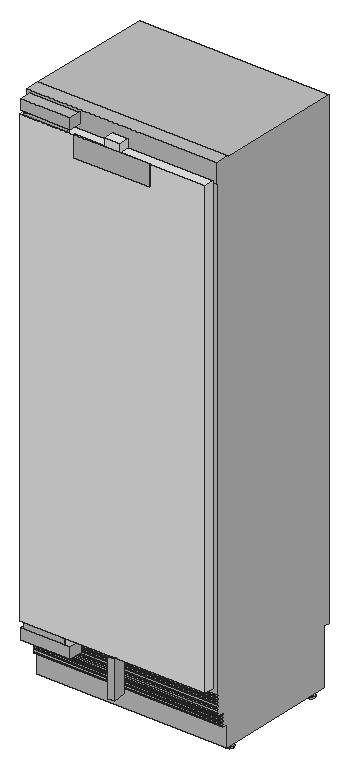
Revit family "FP_Revit_18_RS7621SLK1_Fridge_90001116A", category Specialty Equipment, Revit 2018
Family settings
  Round Connector Dimension = Use Diameter
  Part Type = Normal
  OmniClass Number = 23.40.40.11.11
  OmniClass Title = Refrigerators and Freezers
  Work Plane-Based = No
  Always vertical = Yes
  Cut with Voids When Loaded = Yes
  Shared = No
  Room Calculation Point = No
Parameters (values of type "RS7621SLHK1")
  Visibility - Water Connection = yes
  Visibility - Visibility Control Note = yes
  Visibility - Clearance Required = yes
  URL = "www.fisherpaykel.com"
  Stainless Steel Door Panels (RD7621L10D) = no
  Product - Width = 756 mm  # constant formula
  Product - Height = 2134 mm  # constant formula
  Product - Depth (exl front panel) = 610 mm  # constant formula
  Model = "RS7621SLHK1"
  Material - Handle = Fisher & Paykel - Aluminium
  Material - Door Structure = Fisher & Paykel - White
  Material - Door Front = Fisher & Paykel - Stainless Steel
  Material - Body = Fisher & Paykel - Grey
  Manufacturer = "Fisher & Paykel Appliances"
  Handle Style - Contemporary Square (AHD3-RD21) = no
  Handle Style - Contemporary Round (AHS-RD21) = no
  Description = "76cm Integrated Column Refrigerator with internal water, stainless steel interior"
  Connector Description - Water = "1/2 BSP Stainless steel braided hose"
  Connector Description - Electrical = "230 V,10 A fused electrical supply"
  Cavity - Width = 762 mm  # constant formula
  Cavity - Height = 2134 mm  # constant formula
  Cavity - Depth = 650 mm  # constant formula
Types (3, lengths in mm): name | Visibility - Water Connection | Model | Description | Connector Description - Water
  (no name) | yes | "RS7621SLHK1" | "76cm Integrated Column Refrigerator with internal water, stainless steel interior" | "1/2 BSP Stainless steel braided hose"
  RS7621SLK1 | no | "RS7621SLK1" | "76cm Integrated Column Refrigerator, stainless steel interior" | "Water Supply not required"
  RS7621SLHK1 | yes | "RS7621SLHK1" | "76cm Integrated Column Refrigerator with internal water, stainless steel interior" | "1/2 BSP Stainless steel braided hose"
Reference planes
  plane 1 "Datum": y = 0
  plane 2: z = 0
  plane 3 "Center (Left/Right)": x = 0
  plane 4 "Product LHS": x = -378
  plane 5 "Product RHS": x = 378
  plane 6 "Product - Depth": y = 610
  plane 7 "Cavity LHS": x = -381
  plane 8 "Cavity RHS": x = 381
  plane 9 "Cavity - Depth": y = 628
  plane 10 "Handle Offset": x = 315
  plane 11 "Product Height": z = 2134
  plane 12 "Cavity Height": z = 2134
  plane 13 "Door Panel Datum": y = -4.1
Forms (mm)
  Extrusion 1, solid, material "Fisher & Paykel - Grey" <- "Material - Body", detail levels fine
    sketch origin (0, 0, 0) x (0, 1, 0) y (0, 0, 1)
      loop
        line (100.1, 19.1) -> (587.9, 19.1) -> (587.9, 239.7) -> (610, 239.7) -> (610, 2131.9) -> (105.1, 2131.9) -> (105.1, 2134) -> (49.9, 2134) -> (49.9, 2059) -> (56, 2059) -> (56, 228.6) -> (59.5, 228.6) -> (59.5, 219.7) -> (56.5, 219.7) -> (56.5, 215.9) -> (59.5, 215.9) -> (59.5, 207) -> (56.5, 207) -> (56.5, 203.2) -> (59.5, 203.2) -> (59.5, 194.3) -> (56.5, 194.3) -> (56.5, 190.5) -> (59.5, 190.5) -> (59.5, 181.6) -> (56.5, 181.6) -> (56.5, 177.8) -> (59.5, 177.8) -> (59.5, 168.9) -> (56.5, 168.9) -> (56.5, 165.1) -> (59.5, 165.1) -> (59.5, 156.2) -> (56.5, 156.2) -> (56.5, 152.4) -> (84.1, 152.4) -> (84.1, 143.5) -> (81.1, 143.5) -> (81.1, 139.7) -> (84.1, 139.7) -> (84.1, 130.8) -> (81.1, 130.8) -> (81.1, 127) -> (84.1, 127) -> (84.1, 118.1) -> (81.1, 118.1) -> (81.1, 114.3) -> (84.1, 114.3) -> (84.1, 105.4) -> (81.1, 105.4) -> (81.1, 101.6) -> (100.1, 101.6) -> (100.1, 19.1)
    from -378 to 378
  Extrusion 2, solid, material "Fisher & Paykel - Grey" <- "Material - Body"
    sketch origin (0, 0, 0) x (1, 0, 0) y (0, 1, 0)
      loop
        circle (-357.5, 547.8) r 4.1
      loop
        circle (-357.5, 141.8) r 4.1
      loop
        circle (357.5, 547.8) r 4.1
      loop
        circle (357.5, 141.8) r 4.1
    from 3 to 19.1
  Extrusion 3, solid, material "Fisher & Paykel - Grey" <- "Material - Body"
    sketch origin (0, 0, 0) x (1, 0, 0) y (0, 1, 0)
      loop
        circle (-357.5, 547.8) r 14.5
      loop
        circle (-357.5, 141.8) r 14.555
      loop
        circle (357.5, 547.8) r 14.5
      loop
        circle (357.5, 141.8) r 14.555
    from 0 to 3
  Extrusion 4, solid, material "Fisher & Paykel - Grey" <- "Material - Body", detail levels fine
    sketch origin (0, 0, 0) x (1, 0, 0) y (0, 1, 0)
      loop
        line (-7.5, 49) -> (-13.797, -4.1) -> (13.797, -4.1) -> (7.5, 49) -> (-7.5, 49)
    from 104.2 to 254.2
  Extrusion 5, solid, material "Fisher & Paykel - Grey" <- "Material - Body", detail levels fine
    sketch origin (0, 0, 0) x (0, 1, 0) y (0, 0, 1)
      loop
        line (0, 2070.6) -> (0, 1988.6) -> (2, 1988.6) -> (2, 2068.6) -> (4, 2068.6) -> (4, 2070.6) -> (0, 2070.6)
    from -150 to 150
  Extrusion 6, solid, material "Fisher & Paykel - Grey" <- "Material - Body"
    sketch origin (0, 0, 0) x (1, 0, 0) y (0, 0, 1)
      loop
        circle (303, 119.813) r 5
      loop
        circle (-303, 119.813) r 5
    from -590 to -587.9
  Extrusion 7, solid, material "Fisher & Paykel - White" <- "Material - Door Structure"
    sketch origin (0, 0, 0) x (1, 0, 0) y (0, 1, 0)
      loop
        line (-353, 56) -> (-353, 42) -> (353, 42) -> (353, 56) -> (-353, 56)
    from 269.6 to 2030.7
  Extrusion 8, solid, material "Fisher & Paykel - White" <- "Material - Door Structure"
    sketch origin (0, 0, 0) x (1, 0, 0) y (0, 1, 0)
      loop
        line (-369.4, 42) -> (-369.4, 3) -> (369.4, 3) -> (369.4, 42) -> (-369.4, 42)
    from 254.2 to 2068.6
  Extrusion 9, solid, material "Fisher & Paykel - White" <- "Material - Door Structure", detail levels fine
    sketch origin (0, 0, 0) x (1, 0, 0) y (0, 0, 1)
      loop
        line (-29.5, 2100.1) -> (-29.5, 2068.6) -> (29.5, 2068.6) -> (29.5, 2100.1) -> (-29.5, 2100.1)
    from -42 to -3
  Extrusion 10, solid, material "Fisher & Paykel - Stainless Steel" <- "Material - Door Front", visible <- "Stainless Steel Door Panels (RD7621L10D)"
    sketch origin (0, 0, 0) x (0, 1, 0) y (0, 0, 1)
      loop
        line (-22.1, 2130.8) -> (-22.1, 102) -> (-4.1, 102) -> (-4.1, 2130.8) -> (-22.1, 2130.8)
    from -378 to 378
  Extrusion 11, solid, material "Fisher & Paykel - Grey" <- "Material - Body", detail levels coarse+medium
    sketch origin (0, 0, 0) x (0, 1, 0) y (0, 0, 1)
      loop
        line (49.9, 2134) -> (49.9, 2059) -> (56, 2059) -> (56, 152.4) -> (81.1, 152.4) -> (81.1, 101.6) -> (100.1, 101.6) -> (100.1, 19.1) -> (587.9, 19.1) -> (587.9, 239.7) -> (610, 239.7) -> (610, 2134) -> (49.9, 2134)
    from -378 to 378
  Extrusion 12, solid, material "Fisher & Paykel - Grey" <- "Material - Body", detail levels fine
    sketch origin (0, 0, 0) x (-1, 0, 0) y (0, 0, -1)
      loop
        line (366.4, -187.65) -> (168.42, -187.65) -> (168.42, -229.75) -> (366.4, -229.75) -> (366.4, -187.65)
    from -56 to -2.5
  Extrusion 13, solid, material "Fisher & Paykel - Grey" <- "Material - Body", detail levels fine
    sketch origin (0, 0, 0) x (-1, 0, 0) y (0, 0, -1)
      loop
        line (366.4, -2123.15) -> (366.4, -2081.05) -> (168.42, -2081.05) -> (168.42, -2123.15) -> (366.4, -2123.15)
    from -49 to -2.5
  Extrusion 14, solid, material "Fisher & Paykel - Grey" <- "Material - Body", detail levels fine
    sketch origin (0, 0, -4) x (0, 1, 0) y (0, 0, 1)
      loop
        arc (163.888, 23.1) -> (180.4, 13.63) -> (196.912, 23.1) r 19.13
        line (196.912, 23.1) -> (163.888, 23.1)
      loop
        arc (493.888, 23.1) -> (510.4, 13.63) -> (526.912, 23.1) r 19.13
        line (526.912, 23.1) -> (493.888, 23.1)
    from 191 to 219
  Extrusion 15, solid, material "Fisher & Paykel - Grey" <- "Material - Body", detail levels fine
    sketch origin (0, 0, -4) x (0, 1, 0) y (0, 0, -1)
      loop
        line (163.888, -23.1) -> (196.912, -23.1)
        arc (196.912, -23.1) -> (180.4, -13.63) -> (163.888, -23.1) r 19.13
      loop
        line (493.888, -23.1) -> (526.912, -23.1)
        arc (526.912, -23.1) -> (510.4, -13.63) -> (493.888, -23.1) r 19.13
    from 191 to 219
  Extrusion 16, solid, material "Fisher & Paykel - Clearance Required", visible <- "Visibility - Clearance Required", detail levels coarse
    sketch origin (0, 0, 0) x (1, 0, 0) y (0, 1, 0)
      loop
        line (-381, 628) -> (-381, -4.1) -> (381, -4.1) -> (381, 628) -> (-381, 628)
    from 0 to 2134
  Extrusion 17, void
    sketch origin (0, 0, 0) x (1, 0, 0) y (0, 1, 0)
      loop
        line (-381, 628) -> (-381, -22.1) -> (381, -22.1) -> (381, 628) -> (-381, 628)
    from 0 to 2134
  Extrusion 18, solid, material "Fisher & Paykel - Grey" <- "Material - Body", detail levels fine
    sketch origin (-73, 0, 0) x (-1, 0, 0) y (0, 0, -1)
      loop
        line (118.4, -254.2) -> (282.9, -254.2) -> (282.9, -229.75) -> (118.4, -229.75) -> (118.4, -254.2)
      loop
        line (106, -2081.05) -> (242.9, -2081.05) -> (282.9, -2076.05) -> (282.9, -2068.6) -> (106, -2068.6) -> (106, -2081.05)
    from -7 to -4
  Extrusion 19, solid, material "Fisher & Paykel - Clearance Required", visible <- "Visibility - Clearance Required", detail levels coarse
    sketch origin (0, 0, 0) x (-1, 0, 0) y (0, -1, 0)
      loop
        line (-328.5, 22) -> (378.07, 22)
        arc (378.07, 22) -> (380.987, 57.006) -> (415.929, 60.595) r 27.504
        line (415.929, 60.595) -> (697.006, 665.395) -> (723.253, 653.197)
        arc (723.253, 653.197) -> (747.815, 662.137) -> (738.875, 686.699) r 18.483
        line (738.875, 686.699) -> (712.602, 698.95) -> (734.607, 746.265)
        arc (734.607, 746.265) -> (-22.041, 691.901) -> (-377.998, 22) r 783.526
        line (-377.998, 22) -> (-328.5, 22)
    from 0 to 2134
Lines and regions (mm)
  model lines, style "Fisher & Paykel"
    curve 1: line (-378, -4.1, 2130.8) -> (378, -4.1, 2130.8)
    curve 2: line (-378, -4.1, 102) -> (-378, -4.1, 2130.8)
    curve 3: line (378, -4.1, 102) -> (-378, -4.1, 102)
    curve 4: line (378, -4.1, 2130.8) -> (378, -4.1, 102)
Text (mm)
  text "Due to ongoing product development, product details are subject to change without notice. \nPlease always refer to www.fisherpaykel.com for the most current product information. \n© Fisher & Paykel 2020" at (41.04, -848.295, 0), in view "Ref. Level (Plan)"
Dimensions and locks
  equal spacing: plane 4 "Product LHS", plane 3 "Center (Left/Right)", plane 5 "Product RHS"
  "Product - Width": plane 4 "Product LHS" to plane 5 "Product RHS"
  "Product - Depth (exl front panel)": plane 1 "Datum" to plane 6 "Product - Depth"
  equal spacing: plane 7 "Cavity LHS", plane 3 "Center (Left/Right)", plane 8 "Cavity RHS"
  "Cavity - Width": plane 7 "Cavity LHS" to plane 8 "Cavity RHS"
  plane 4 "Product LHS" to Extrusion 2 sketch curve = 24.6 mm
  Extrusion 6 sketch curve to Extrusion 1 = 119.887 mm  (x2)
  Extrusion 6 sketch curve to plane 5 "Product RHS" = 75 mm
  plane 4 "Product LHS" to Extrusion 6 sketch curve = 75 mm
  Extrusion 1 sketch curve to Extrusion 1 sketch curve = 82.5 mm
  Extrusion 1 sketch curve to Extrusion 1 sketch curve = 209.5 mm
  Extrusion 1 sketch curve to Extrusion 1 sketch curve = 220.6 mm
  Extrusion 3 to level = 3 mm
  Extrusion 11 to Extrusion 8 = 235.1 mm
  Extrusion 11 to Extrusion 7 = 250.5 mm
  Extrusion 11 to Extrusion 11 = 2114.9 mm
  Extrusion 11 to Extrusion 10 = 82.9 mm
  "Product - Height": level to plane 11 "Product Height"
  plane 11 "Product Height" to Extrusion 10 = 3.2 mm
  Extrusion 8 to plane 11 "Product Height" = 65.4 mm
  Extrusion 7 to plane 11 "Product Height" = 103.3 mm
  Extrusion 11 sketch curve to plane 11 "Product Height" = 75 mm
  Extrusion 1 sketch curve to plane 11 "Product Height" = 2.1 mm
  Extrusion 1 sketch curve to plane 11 "Product Height" = 75 mm
  "Cavity - Height": plane 12 "Cavity Height" to level
  Extrusion 18 sketch curve to Extrusion 18 sketch curve = 40 mm
  Extrusion 18 sketch curve to Extrusion 18 sketch curve = 176.9 mm
  plane 3 "Center (Left/Right)" to Extrusion 18 sketch curve = 179 mm
  plane 3 "Center (Left/Right)" to Extrusion 18 sketch curve = 191.4 mm
  plane 3 "Center (Left/Right)" to Extrusion 18 sketch curve = 355.9 mm
  plane 3 "Center (Left/Right)" to Extrusion 13 sketch curve = 168.42 mm
  plane 3 "Center (Left/Right)" to Extrusion 12 sketch curve = 168.42 mm
  "Cavity - Depth": Extrusion 17 to Extrusion 19
  Extrusion 19 to plane 1 "Datum" = 22 mm
  radius of Extrusion 6 sketch curve = 5 mm
  aligned and locked: level to plane 2
  aligned and locked: Extrusion 10 to plane 5 "Product RHS"
  aligned and locked: plane 4 "Product LHS" to Extrusion 10
  aligned and locked: Extrusion 11 to plane 5 "Product RHS"
  aligned and locked: Extrusion 11 to plane 4 "Product LHS"
  aligned and locked: Extrusion 11 sketch curve to plane 11 "Product Height"
  aligned and locked: plane 11 "Product Height" to Extrusion 1 sketch curve
  aligned and locked: Extrusion 14 sketch curve to Extrusion 14 sketch curve
  aligned and locked: Extrusion 15 sketch curve to Extrusion 15 sketch curve
  aligned and locked: Extrusion 1 to plane 5 "Product RHS"
  aligned and locked: plane 4 "Product LHS" to Extrusion 1
  aligned and locked: Extrusion 11 sketch curve to Extrusion 1  (x4)
  aligned and locked: Extrusion 2 to Extrusion 1
  aligned and locked: nested 2 to plane 10 "Handle Offset"
  aligned and locked: nested 3 to plane 10 "Handle Offset"
Automatic sketch dimensions
  plane 1 "Datum" to Extrusion 4 sketch curve = 4.1 mm
  Extrusion 4 sketch curve to plane 3 "Center (Left/Right)" = 13.797 mm
  Extrusion 4 sketch curve to plane 3 "Center (Left/Right)" = 7.5 mm
  plane 3 "Center (Left/Right)" to Extrusion 4 sketch curve = 7.5 mm
  plane 3 "Center (Left/Right)" to Extrusion 4 sketch curve = 13.797 mm
  Extrusion 4 sketch curve to plane 1 "Datum" = 49 mm
  Extrusion 5 sketch curve to plane 1 "Datum" = 0 mm
  Extrusion 5 sketch curve to plane 1 "Datum" = 2 mm
  Extrusion 5 sketch curve to Extrusion 5 sketch curve = 2 mm  (x2)
  plane 11 "Product Height" to Extrusion 5 sketch curve = 145.4 mm
  plane 11 "Product Height" to Extrusion 5 sketch curve = 65.4 mm
  Extrusion 9 sketch curve to plane 3 "Center (Left/Right)" = 29.5 mm
  plane 3 "Center (Left/Right)" to Extrusion 9 sketch curve = 29.5 mm
  plane 11 "Product Height" to Extrusion 9 sketch curve = 65.4 mm
  Extrusion 9 sketch curve to Extrusion 9 sketch curve = 31.5 mm
  Extrusion 16 sketch curve to plane 7 "Cavity LHS" = 0 mm
  Extrusion 16 sketch curve to plane 8 "Cavity RHS" = 0 mm
  Extrusion 16 sketch curve to plane 9 "Cavity - Depth" = 0 mm
  plane 1 "Datum" to Extrusion 16 sketch curve = 4.1 mm
  Extrusion 17 sketch curve to plane 7 "Cavity LHS" = 0 mm
  Extrusion 17 sketch curve to plane 8 "Cavity RHS" = 0 mm
  plane 9 "Cavity - Depth" to Extrusion 17 sketch curve = 0 mm
  plane 1 "Datum" to Extrusion 17 sketch curve = 22.1 mm
  Extrusion 1 sketch curve to plane 6 "Product - Depth" = 0 mm
  Extrusion 1 sketch curve to Extrusion 1 sketch curve = 22.1 mm
  Extrusion 1 sketch curve to plane 1 "Datum" = 105.1 mm
  level to Extrusion 1 sketch curve = 19.1 mm
  Extrusion 1 sketch curve to plane 1 "Datum" = 100.1 mm
  Extrusion 1 sketch curve to Extrusion 1 sketch curve = 16 mm
  Extrusion 1 sketch curve to Extrusion 1 sketch curve = 0 mm  (x8)
  Extrusion 1 sketch curve to Extrusion 1 sketch curve = 3 mm  (x10)
  Extrusion 1 sketch curve to plane 1 "Datum" = 59.5 mm
  Extrusion 1 sketch curve to plane 1 "Datum" = 56 mm
  Extrusion 1 sketch curve to plane 1 "Datum" = 49.9 mm
  Extrusion 1 sketch curve to Extrusion 1 sketch curve = 3.8 mm  (x10)
  Extrusion 1 sketch curve to Extrusion 1 sketch curve = 8.9 mm  (x9)
  Extrusion 2 sketch curve to plane 4 "Product LHS" = 20.5 mm  (x2)
  plane 5 "Product RHS" to Extrusion 2 sketch curve = 20.5 mm  (x2)
  Extrusion 2 sketch curve to plane 1 "Datum" = 141.8 mm  (x2)
  Extrusion 2 sketch curve to plane 6 "Product - Depth" = 62.2 mm  (x2)
  Extrusion 3 sketch curve to plane 4 "Product LHS" = 20.5 mm  (x2)
  plane 5 "Product RHS" to Extrusion 3 sketch curve = 20.5 mm  (x2)
  Extrusion 3 sketch curve to plane 1 "Datum" = 141.8 mm  (x2)
  Extrusion 3 sketch curve to plane 6 "Product - Depth" = 62.2 mm  (x2)
  Extrusion 7 sketch curve to plane 4 "Product LHS" = 25 mm
  plane 5 "Product RHS" to Extrusion 7 sketch curve = 25 mm
  Extrusion 7 sketch curve to plane 1 "Datum" = 42 mm
  Extrusion 7 sketch curve to Extrusion 7 sketch curve = 14 mm
  Extrusion 8 sketch curve to plane 1 "Datum" = 3 mm
  Extrusion 8 sketch curve to plane 4 "Product LHS" = 8.6 mm
  plane 5 "Product RHS" to Extrusion 8 sketch curve = 8.6 mm
  Extrusion 8 sketch curve to Extrusion 8 sketch curve = 39 mm
  plane 1 "Datum" to Extrusion 10 sketch curve = 22.1 mm
  plane 1 "Datum" to Extrusion 10 sketch curve = 4.1 mm
  level to Extrusion 10 sketch curve = 102 mm
  plane 11 "Product Height" to Extrusion 10 sketch curve = 3.2 mm
  Extrusion 11 sketch curve to plane 6 "Product - Depth" = 0 mm
  Extrusion 11 sketch curve to plane 6 "Product - Depth" = 22.1 mm
  Extrusion 11 sketch curve to plane 1 "Datum" = 100.1 mm
  Extrusion 11 sketch curve to Extrusion 11 sketch curve = 19 mm
  Extrusion 11 sketch curve to plane 1 "Datum" = 56 mm
  Extrusion 11 sketch curve to plane 1 "Datum" = 49.9 mm
  Extrusion 11 sketch curve to Extrusion 11 sketch curve = 50.8 mm
  plane 4 "Product LHS" to Extrusion 12 sketch curve = 11.6 mm
  Extrusion 12 sketch curve to level = 187.65 mm
  Extrusion 12 sketch curve to Extrusion 12 sketch curve = 42.1 mm
  plane 4 "Product LHS" to Extrusion 13 sketch curve = 11.6 mm
  Extrusion 13 sketch curve to plane 11 "Product Height" = 52.95 mm
  Extrusion 13 sketch curve to plane 11 "Product Height" = 10.85 mm
  level to Extrusion 14 sketch curve = 19.1 mm
  Extrusion 14 sketch curve to plane 1 "Datum" = 163.888 mm
  Extrusion 14 sketch curve to Extrusion 14 sketch curve = 16.512 mm  (x2)
  Extrusion 14 sketch curve to plane 6 "Product - Depth" = 116.112 mm
  Extrusion 14 sketch curve to Extrusion 14 sketch curve = 9.66 mm  (x2)
  level to Extrusion 15 sketch curve = 19.1 mm
  Extrusion 15 sketch curve to plane 1 "Datum" = 163.888 mm
  Extrusion 15 sketch curve to Extrusion 15 sketch curve = 16.512 mm  (x2)
  Extrusion 15 sketch curve to plane 6 "Product - Depth" = 116.112 mm
  Extrusion 15 sketch curve to Extrusion 15 sketch curve = 9.66 mm  (x2)
  Extrusion 18 sketch curve to level = 229.75 mm
  Extrusion 18 sketch curve to Extrusion 18 sketch curve = 24.45 mm
  Extrusion 18 sketch curve to plane 11 "Product Height" = 65.4 mm
  Extrusion 18 sketch curve to Extrusion 18 sketch curve = 7.45 mm
  Extrusion 18 sketch curve to Extrusion 18 sketch curve = 5 mm
  Extrusion 19 sketch curve to plane 5 "Product RHS" = 0.002 mm
  plane 10 "Handle Offset" to Extrusion 19 sketch curve = 13.5 mm
  Extrusion 19 sketch curve to plane 4 "Product LHS" = 0.07 mm
  Extrusion 19 sketch curve to plane 7 "Cavity LHS" = 19.621 mm
  Extrusion 19 sketch curve to Extrusion 19 sketch curve = 4.795 mm
  Extrusion 19 sketch curve to Extrusion 19 sketch curve = 10.514 mm
  Extrusion 19 sketch curve to plane 7 "Cavity LHS" = 316.006 mm
  Extrusion 19 sketch curve to Extrusion 19 sketch curve = 15.596 mm
  Extrusion 19 sketch curve to Extrusion 19 sketch curve = 26.247 mm
  Extrusion 19 sketch curve to Extrusion 19 sketch curve = 7.811 mm  (x2)
  Extrusion 19 sketch curve to Extrusion 19 sketch curve = 22.005 mm
  Extrusion 19 sketch curve to plane 1 "Datum" = 746.265 mm
  Extrusion 19 sketch curve to Extrusion 19 sketch curve = 47.315 mm
  Extrusion 19 sketch curve to Extrusion 19 sketch curve = 12.251 mm
  Extrusion 19 sketch curve to Extrusion 19 sketch curve = 16.751 mm
  Extrusion 19 sketch curve to Extrusion 19 sketch curve = 12.198 mm
  Extrusion 19 sketch curve to Extrusion 19 sketch curve = 22.85 mm
  plane 5 "Product RHS" to curve 1 = 0 mm
  plane 4 "Product LHS" to curve 3 = 0 mm
  level to curve 3 = 102 mm
  plane 11 "Product Height" to curve 2 = 3.2 mm
  radius of Extrusion 2 sketch curve = 4.1 mm  (x3)
  radius of Extrusion 3 sketch curve = 14.5 mm  (x2)
  radius of Extrusion 3 sketch curve = 14.555 mm  (x2)
  radius of Extrusion 6 sketch curve = 5 mm
Nested families
  nested 1: "Visibility Control Note 18" at (0, 0, 0), visible <- "Visibility - Visibility Control Note", type "Visibility Control Note 18"
  nested 2: "Handle Contemporary Round - Vertical" at (315, -22.1, 1242.58), visible <- "Handle Style - Contemporary Round (AHS-RD21)", type "AHS-RD21 - Contemporary round handle (Vertical) 852mm"
  nested 3: "Handle Contemporary Square - Vertical" at (315, -22.1, 1242.58), visible <- "Handle Style - Contemporary Square (AHD3-RD21)", type "AHD3-RD21 - Contemporary square handle (Vertical) 852mm"
Connectors
  electrical at (-303, 590, 119.813), driven by "Connector Description - Electrical"
    settings: on Extrusion 6, index 1, voltage 230 V, apparent load 0 VA, apparent load phase1 0 VA, apparent load phase2 0 VA, apparent load phase3 0 VA, power factor 1, load classification "Other", number of poles 1, system type 30, power factor state 1, is connector primary yes, connector utility no, sub classification motor no, connector description "230 V,10 A fused electrical supply"
  piping at (303, 590, 119.813), diameter 12.7, driven by "Visibility - Water Connection", driven by "Connector Description - Water"
    settings: on Extrusion 6, index 2, connector inside diameter 609.6 mm, connector length 0 mm, flow factor 0, pipe flow 0.0 L/s, pressure drop 0.0 Pa, fitting loss kfactor 0, connector angle 0.00°, fixture units 0, engagement length 0 mm, angle of deflection 0.00°, flow configuration 0, flow direction 1, fitting loss method 0, system type 20, joint type 0, gender type 0, connector reference index -1, connector utility 1, adjustable connector no, is connector primary yes, connector description "1/2 BSP Stainless steel braided hose"
Definition of nested family "Handle Contemporary Round - Vertical"
  Parameters (values of type "AHSRS80A - Contemporary round handle (1 of 2) (Vertical) 727mm")
    URL = "www.fisherpaykel.com"
    Material - Handle = none
    Manufacturer = "Fisher & Paykel Appliances"
    Handle - Length = 727 mm
  Types (6, lengths in mm): name | Handle - Length
    AHS-RD21 - Contemporary round handle (Vertical) 852mm | 852
    AHSRD2484W - Contemporary round handle (1 of 2) (Vertical) 727mm | 727
    AHSRD3084W - Contemporary round handle (1 of 2) (Vertical) 727mm | 727
    AHS-RD84 - Contemporary round handle (Vertical) 852mm | 852
    AHSRS3272A - Contemporary round handle (1 of 2) (Vertical) 727mm | 727
    AHSRS80A - Contemporary round handle (1 of 2) (Vertical) 727mm | 727
  Reference planes
    plane 1 "Center (Front/Back)": y = 0
    plane 2: z = 0
    plane 3 "Center (Left/Right)": x = 0
    plane 4 "Top": z = 363.5
    plane 5 "Bottom": z = -363.5
    plane 6 "Top Standoff": z = 243.5
    plane 7 "Bottom Standoff": z = -243.5
  Forms (mm)
    Extrusion 1, solid, material <- "Material - Handle"
      sketch origin (0, 0, 0) x (1, 0, 0) y (0, 1, 0)
        loop
          circle (0, -32.3) r 8.7
      from -243.5 to 243.5
    Extrusion 2, solid, material <- "Material - Handle", detail levels fine
      sketch origin (0, 0, 0) x (1, 0, 0) y (0, 1, 0)
        loop
          line (-8.7, 0) -> (-8.7, -32.3)
          arc (-8.7, -32.3) -> (0, -41) -> (8.7, -32.3) r 8.7
          line (8.7, -32.3) -> (8.7, 0) -> (-8.7, 0)
      from 243.5 to 363.5
    Extrusion 3, solid, material <- "Material - Handle", detail levels fine
      sketch origin (0, 0, 0) x (1, 0, 0) y (0, 1, 0)
        loop
          line (-8.7, 0) -> (-8.7, -32.3)
          arc (-8.7, -32.3) -> (0, -41) -> (8.7, -32.3) r 8.7
          line (8.7, -32.3) -> (8.7, 0) -> (-8.7, 0)
      from -363.5 to -243.5
    Sweep 4, void
      path in 3D
        loop
          line (8.7, 0, -363.5) -> (8.7, -32.3, -363.5)
          arc (8.7, -32.3, -363.5) -> (0, -41, -363.5) -> (-8.7, -32.3, -363.5) r 8.7
          line (-8.7, -32.3, -363.5) -> (-8.7, 0, -363.5)
      profile origin (8.7, -16.15, -363.5) x (-1, 0, 0) y (0, 0, -1)
        loop
          line (0, 0) -> (0, -1) -> (1, 0) -> (0, 0)
    Sweep 5, void
      path in 3D
        loop
          line (-8.7, 0, 363.5) -> (-8.7, -32.3, 363.5)
          arc (-8.7, -32.3, 363.5) -> (0, -41, 363.5) -> (8.7, -32.3, 363.5) r 8.7
          line (8.7, -32.3, 363.5) -> (8.7, 0, 363.5)
      profile origin (8.7, -16.15, 363.5) x (-1, 0, 0) y (0, 0, 1)
        loop
          line (0, 0) -> (0, -1) -> (1, 0) -> (0, 0)
    Extrusion 6, solid, material <- "Material - Handle", detail levels coarse+medium
      sketch origin (0, 0, 0) x (1, 0, 0) y (0, 1, 0)
        loop
          line (-8.7, 0) -> (-8.7, -32.3)
          arc (-8.7, -32.3) -> (0, -41) -> (8.7, -32.3) r 8.7
          line (8.7, -32.3) -> (8.7, 0) -> (-8.7, 0)
      from 243.5 to 363.5
    Extrusion 7, solid, material <- "Material - Handle", detail levels coarse+medium
      sketch origin (0, 0, 0) x (1, 0, 0) y (0, 1, 0)
        loop
          line (-8.7, 0) -> (-8.7, -32.3)
          arc (-8.7, -32.3) -> (0, -41) -> (8.7, -32.3) r 8.7
          line (8.7, -32.3) -> (8.7, 0) -> (-8.7, 0)
      from -363.5 to -243.5
  Cuts and joins
    Sweep 4 cuts Extrusion 3
    Sweep 5 cuts Extrusion 2
  Lines and regions (mm)
    sketch lines
      curve 1: line (8.7, 0, -363.5) -> (8.7, -32.3, -363.5)
      curve 2: arc (-8.7, -32.3, -363.5) -> (0, -41, -363.5) -> (8.7, -32.3, -363.5) r 8.7
      curve 3: line (-8.7, -32.3, -363.5) -> (-8.7, 0, -363.5)
      curve 4: line (8.7, -32.3, 363.5) -> (8.7, 0, 363.5)
      curve 5: arc (8.7, -32.3, 363.5) -> (0, -41, 363.5) -> (-8.7, -32.3, 363.5) r 8.7
      curve 6: line (-8.7, 0, 363.5) -> (-8.7, -32.3, 363.5)
  Dimensions and locks
    equal spacing: plane 4 "Top", level, plane 5 "Bottom"
    "Handle - Length": plane 4 "Top" to plane 5 "Bottom"
    locked: plane 4 "Top" to plane 6 "Top Standoff" at 120
    locked: plane 7 "Bottom Standoff" to plane 5 "Bottom" at 120
    Extrusion 2 sketch curve to Extrusion 2 sketch curve = 17.4 mm
    Extrusion 3 sketch curve to Extrusion 3 sketch curve = 17.4 mm
    Extrusion 6 sketch curve to Extrusion 6 sketch curve = 17.4 mm
    Extrusion 7 sketch curve to Extrusion 7 sketch curve = 17.4 mm
    aligned and locked: level to plane 2
    aligned and locked: plane 4 "Top" to Extrusion 2
    aligned and locked: Extrusion 3 to plane 5 "Bottom"
    aligned and locked: plane 7 "Bottom Standoff" to Extrusion 3
    aligned and locked: Extrusion 1 to plane 7 "Bottom Standoff"
    aligned and locked: plane 6 "Top Standoff" to Extrusion 1
    aligned and locked: Extrusion 2 to Extrusion 1
    aligned and locked: Extrusion 6 to Extrusion 1
    aligned and locked: plane 4 "Top" to Extrusion 6
    aligned and locked: Extrusion 7 to Extrusion 1
    aligned and locked: Extrusion 7 to plane 5 "Bottom"
  Automatic sketch dimensions
    Extrusion 1 sketch curve to plane 3 "Center (Left/Right)" = 0 mm
    plane 1 "Center (Front/Back)" to Extrusion 1 sketch curve = 32.3 mm
    plane 1 "Center (Front/Back)" to Extrusion 2 sketch curve = 0 mm
    Extrusion 2 sketch curve to plane 3 "Center (Left/Right)" = 0 mm
    Extrusion 2 sketch curve to plane 3 "Center (Left/Right)" = 8.7 mm
    plane 1 "Center (Front/Back)" to Extrusion 2 sketch curve = 32.3 mm
    plane 1 "Center (Front/Back)" to Extrusion 3 sketch curve = 0 mm
    Extrusion 3 sketch curve to plane 3 "Center (Left/Right)" = 0 mm
    Extrusion 3 sketch curve to plane 3 "Center (Left/Right)" = 8.7 mm
    plane 1 "Center (Front/Back)" to Extrusion 3 sketch curve = 32.3 mm
    Sweep 4 sketch curve to profile plane = 0 mm  (x2)
    Sweep 4 sketch curve to profile plane = 1 mm  (x2)
    Sweep 5 sketch curve to profile plane = 0 mm  (x2)
    Sweep 5 sketch curve to profile plane = 1 mm  (x2)
    Extrusion 6 sketch curve to plane 3 "Center (Left/Right)" = 0 mm
    Extrusion 6 sketch curve to plane 3 "Center (Left/Right)" = 8.7 mm
    plane 1 "Center (Front/Back)" to Extrusion 6 sketch curve = 32.3 mm
    Extrusion 6 sketch curve to Extrusion 6 sketch curve = 32.3 mm
    Extrusion 7 sketch curve to plane 3 "Center (Left/Right)" = 0 mm
    Extrusion 7 sketch curve to plane 3 "Center (Left/Right)" = 8.7 mm
    plane 1 "Center (Front/Back)" to Extrusion 7 sketch curve = 32.3 mm
    Extrusion 7 sketch curve to Extrusion 7 sketch curve = 32.3 mm
    radius of Extrusion 1 sketch curve = 8.7 mm
Definition of nested family "Handle Contemporary Square - Vertical"
  Parameters (values of type "AHD3RS80A - Contemporary square handle (1 of 2) (Vertical) 727mm")
    URL = "www.fisherpaykel.com"
    Material - Handle = none
    Manufacturer = "Fisher & Paykel Appliances"
    Handle - Length = 727 mm
  Types (7, lengths in mm): name | Handle - Length
    (no name) | 727
    AHD3-RD21 - Contemporary square handle (Vertical) 852mm | 852
    AHD3RD2484W - Contemporary square handle (1 of 2) (Vertical) 727mm | 727
    AHD3RD3084W - Contemporary square handle (1 of 2) (Vertical) 727mm | 727
    AHD3-RD84 - Contemporary square handle (Vertical) 852mm | 852
    AHD3RS3272A - Contemporary square handle (1 of 2) (Vertical) 727mm | 727
    AHD3RS80A - Contemporary square handle (1 of 2) (Vertical) 727mm | 727
  Reference planes
    plane 1 "Center (Front/Back)": y = 0
    plane 2: z = 0
    plane 3 "Center (Left/Right)": x = 0
    plane 4 "Top": z = 363.5
    plane 5 "Bottom": z = -363.5
    plane 6 "Top Standoff": z = 243.5
    plane 7 "Bottom Standoff": z = -243.5
  Forms (mm)
    Extrusion 1, solid, material <- "Material - Handle", detail levels fine
      sketch origin (0, 0, 0) x (1, 0, 0) y (0, 1, 0)
        loop
          arc (-7.583, -28.701) -> (-7.89, -29.057) -> (-8, -29.514) r 1
          line (-8, -29.514) -> (-8, -40.5)
          arc (-8, -40.5) -> (-7.561, -41.561) -> (-6.5, -42) r 1.5
          line (-6.5, -42) -> (6.5, -42)
          arc (6.5, -42) -> (7.561, -41.561) -> (8, -40.5) r 1.5
          line (8, -40.5) -> (8, -29.487)
          arc (8, -29.487) -> (7.889, -29.029) -> (7.58, -28.673) r 1
          arc (7.58, -28.673) -> (-0.006, -26.256) -> (-7.583, -28.701) r 13.038
      from -363.5 to 363.5
    Extrusion 2, solid, material <- "Material - Handle", detail levels fine
      sketch origin (0, 0, 0) x (1, 0, 0) y (0, 1, 0)
        loop
          arc (7.058, -28.23) -> (7.466, -28.244) -> (7.674, -27.893) r 0.4
          line (7.674, -27.893) -> (7.674, 0) -> (-7.674, 0) -> (-7.674, -27.86)
          arc (-7.674, -27.86) -> (-7.467, -28.21) -> (-7.06, -28.198) r 0.4
          arc (-7.06, -28.198) -> (0.004, -26.156) -> (7.058, -28.23) r 13.136
      from 243.5 to 363.5
    Extrusion 3, solid, material <- "Material - Handle", detail levels fine
      sketch origin (0, 0, 0) x (1, 0, 0) y (0, 1, 0)
        loop
          arc (7.058, -28.23) -> (7.466, -28.244) -> (7.674, -27.893) r 0.4
          line (7.674, -27.893) -> (7.674, 0) -> (-7.674, 0) -> (-7.674, -27.86)
          arc (-7.674, -27.86) -> (-7.467, -28.21) -> (-7.06, -28.198) r 0.4
          arc (-7.06, -28.198) -> (0.004, -26.156) -> (7.058, -28.23) r 13.136
      from -363.5 to -243.5
    Sweep 4, void
      path in 3D
        loop
          line (-8, -29.514, 363.5) -> (-8, -40.5, 363.5)
          arc (-8, -40.5, 363.5) -> (-7.561, -41.561, 363.5) -> (-6.5, -42, 363.5) r 1.5
          line (-6.5, -42, 363.5) -> (6.5, -42, 363.5)
          arc (6.5, -42, 363.5) -> (7.561, -41.561, 363.5) -> (8, -40.5, 363.5) r 1.5
          line (8, -40.5, 363.5) -> (8, -29.487, 363.5)
      profile origin (8, -34.994, 363.5) x (-1, 0, 0) y (0, 0, 1)
        loop
          line (0, 0) -> (0, -1.3) -> (1.3, 0) -> (0, 0)
    Sweep 5, void
      path in 3D
        loop
          line (8, -29.487, -363.5) -> (8, -40.5, -363.5)
          arc (8, -40.5, -363.5) -> (7.561, -41.561, -363.5) -> (6.5, -42, -363.5) r 1.5
          line (6.5, -42, -363.5) -> (-6.5, -42, -363.5)
          arc (-6.5, -42, -363.5) -> (-7.561, -41.561, -363.5) -> (-8, -40.5, -363.5) r 1.5
          line (-8, -40.5, -363.5) -> (-8, -29.514, -363.5)
      profile origin (8, -34.994, -363.5) x (-1, 0, 0) y (0, 0, -1)
        loop
          line (0, 0) -> (0, -1.3) -> (1.3, 0) -> (0, 0)
    Extrusion 6, void
      sketch origin (0, 0, 0) x (1, 0, 0) y (0, 0, 1)
        loop
          line (-8, -362.2) -> (-8, -363.5) -> (-6.7, -363.5) -> (-8, -362.2)
        loop
          line (8, -362.2) -> (6.7, -363.5) -> (8, -363.5) -> (8, -362.2)
      from 0 to 40
    Extrusion 7, void
      sketch origin (0, 0, 0) x (1, 0, 0) y (0, 0, 1)
        loop
          line (-8, 363.5) -> (-8, 362.2) -> (-6.7, 363.5) -> (-8, 363.5)
        loop
          line (8, 363.5) -> (6.7, 363.5) -> (8, 362.2) -> (8, 363.5)
      from 0 to 40
    Extrusion 8, solid, material <- "Material - Handle", detail levels coarse+medium
      sketch origin (0, 0, 0) x (0, 1, 0) y (0, 0, 1)
        loop
          line (0, 363.5) -> (-42, 363.5) -> (-42, -363.5) -> (0, -363.5) -> (0, -243.5) -> (-26.245, -243.5) -> (-26.245, 243.5) -> (0, 243.5) -> (0, 363.5)
      from -8 to 8
  Cuts and joins
    Sweep 4, Sweep 5, Extrusion 6, Extrusion 7 cuts Extrusion 1
    Extrusion 6 cuts Extrusion 3
    Extrusion 7 cuts Extrusion 2
  Lines and regions (mm)
    sketch lines
      curve 1: line (8, -40.5, 363.5) -> (8, -29.487, 363.5)
      curve 2: arc (8, -40.5, 363.5) -> (7.561, -41.561, 363.5) -> (6.5, -42, 363.5) r 1.5
      curve 3: line (-6.5, -42, 363.5) -> (6.5, -42, 363.5)
      curve 4: arc (-6.5, -42, 363.5) -> (-7.561, -41.561, 363.5) -> (-8, -40.5, 363.5) r 1.5
      curve 5: line (-8, -29.514, 363.5) -> (-8, -40.5, 363.5)
      curve 6: line (8, -29.487, -363.5) -> (8, -40.5, -363.5)
      curve 7: arc (6.5, -42, -363.5) -> (7.561, -41.561, -363.5) -> (8, -40.5, -363.5) r 1.5
      curve 8: line (6.5, -42, -363.5) -> (-6.5, -42, -363.5)
      curve 9: arc (-8, -40.5, -363.5) -> (-7.561, -41.561, -363.5) -> (-6.5, -42, -363.5) r 1.5
      curve 10: line (-8, -40.5, -363.5) -> (-8, -29.514, -363.5)
  Dimensions and locks
    equal spacing: plane 4 "Top", level, plane 5 "Bottom"
    "Handle - Length": plane 4 "Top" to plane 5 "Bottom"
    locked: plane 4 "Top" to plane 6 "Top Standoff" at 120
    locked: plane 7 "Bottom Standoff" to plane 5 "Bottom" at 120
    aligned and locked: level to plane 2
    aligned and locked: plane 4 "Top" to Extrusion 2
    aligned and locked: Extrusion 2 to plane 6 "Top Standoff"
    aligned and locked: plane 4 "Top" to Extrusion 1
    aligned and locked: Extrusion 1 to plane 5 "Bottom"
    aligned and locked: Extrusion 3 to plane 5 "Bottom"
    aligned and locked: plane 7 "Bottom Standoff" to Extrusion 3
    aligned and locked: plane 4 "Top" to Extrusion 8 sketch curve
    aligned and locked: plane 6 "Top Standoff" to Extrusion 8 sketch curve
    aligned and locked: plane 7 "Bottom Standoff" to Extrusion 8 sketch curve
    aligned and locked: plane 5 "Bottom" to Extrusion 8 sketch curve
    aligned and locked: plane 1 "Center (Front/Back)" to Extrusion 8 sketch curve  (x2)
  Automatic sketch dimensions
    Extrusion 1 sketch curve to plane 3 "Center (Left/Right)" = 8 mm
    Extrusion 1 sketch curve to Extrusion 1 sketch curve = 1 mm  (x2)
    Extrusion 1 sketch curve to Extrusion 1 sketch curve = 1.5 mm
    plane 3 "Center (Left/Right)" to Extrusion 1 sketch curve = 0.018 mm
    plane 3 "Center (Left/Right)" to Extrusion 1 sketch curve = 6.5 mm
    plane 3 "Center (Left/Right)" to Extrusion 1 sketch curve = 7 mm
    plane 1 "Center (Front/Back)" to Extrusion 1 sketch curve = 42 mm
    Extrusion 1 sketch curve to Extrusion 1 sketch curve = 1.206 mm
    Extrusion 1 sketch curve to Extrusion 1 sketch curve = 10.986 mm
    Extrusion 1 sketch curve to Extrusion 1 sketch curve = 11.013 mm
    Extrusion 1 sketch curve to Extrusion 1 sketch curve = 0 mm
    plane 1 "Center (Front/Back)" to Extrusion 2 sketch curve = 0 mm
    Extrusion 2 sketch curve to plane 3 "Center (Left/Right)" = 7.674 mm
    Extrusion 2 sketch curve to Extrusion 2 sketch curve = 0.4 mm  (x2)
    Extrusion 2 sketch curve to plane 3 "Center (Left/Right)" = 0.026 mm
    plane 3 "Center (Left/Right)" to Extrusion 2 sketch curve = 7.274 mm
    plane 1 "Center (Front/Back)" to Extrusion 2 sketch curve = 27.86 mm
    Extrusion 2 sketch curve to Extrusion 2 sketch curve = 0.033 mm
    Extrusion 2 sketch curve to Extrusion 2 sketch curve = 11.398 mm
    Extrusion 2 sketch curve to Extrusion 2 sketch curve = 0 mm
    plane 1 "Center (Front/Back)" to Extrusion 3 sketch curve = 0 mm
    Extrusion 3 sketch curve to Extrusion 3 sketch curve = 0.4 mm  (x2)
    Extrusion 3 sketch curve to Extrusion 3 sketch curve = 7.248 mm
    Extrusion 3 sketch curve to Extrusion 3 sketch curve = 7.3 mm
    plane 1 "Center (Front/Back)" to Extrusion 3 sketch curve = 27.86 mm
    Extrusion 3 sketch curve to Extrusion 3 sketch curve = 0.033 mm
    Extrusion 3 sketch curve to Extrusion 3 sketch curve = 11.398 mm
    Extrusion 3 sketch curve to Extrusion 3 sketch curve = 0 mm
    Sweep 4 sketch curve to profile plane = 0 mm  (x2)
    Sweep 4 sketch curve to profile plane = 1.3 mm  (x2)
    Sweep 5 sketch curve to profile plane = 0 mm  (x2)
    Sweep 5 sketch curve to profile plane = 1.3 mm  (x2)
    Extrusion 6 sketch curve to plane 5 "Bottom" = 0 mm  (x2)
    plane 5 "Bottom" to Extrusion 6 sketch curve = 1.3 mm  (x2)
    Extrusion 6 sketch curve to plane 3 "Center (Left/Right)" = 8 mm
    Extrusion 6 sketch curve to Extrusion 6 sketch curve = 1.3 mm  (x2)
    plane 3 "Center (Left/Right)" to Extrusion 6 sketch curve = 8 mm
    Extrusion 7 sketch curve to plane 4 "Top" = 0 mm  (x2)
    Extrusion 7 sketch curve to plane 3 "Center (Left/Right)" = 8 mm
    Extrusion 7 sketch curve to Extrusion 7 sketch curve = 1.3 mm  (x2)
    plane 3 "Center (Left/Right)" to Extrusion 7 sketch curve = 8 mm
    Extrusion 7 sketch curve to plane 4 "Top" = 1.3 mm  (x2)
    plane 1 "Center (Front/Back)" to Extrusion 8 sketch curve = 26.245 mm
    plane 1 "Center (Front/Back)" to Extrusion 8 sketch curve = 42 mm
    Extrusion 3 sketch curve to plane 3 "Center (Left/Right)" = 7.674 mm
Definition of nested family "Visibility Control Note 18"
  Types (3): name
    New
    Resolved
    Active
  Reference planes
    plane 1: y = 0
    plane 2: x = 0
  Text (mm)
    text "Edit Type: \nTo control handle kit \nand door panel visibility\n options\n\nDelete unwanted kits \nto reduce file size" at (-0.165, 35.556, 0)
